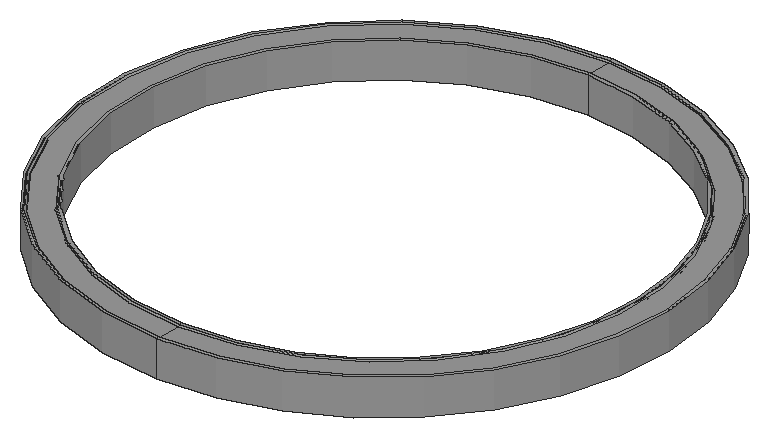
Revit family "VRD-SMK", category Lighting Fixtures, host Face, Revit 2022
Family settings
  Host = Face
  Round Connector Dimension = Use Diameter
  Part Type = Normal
  Cut with Voids When Loaded = Yes
  Light Source = Yes
  Maintain Annotation Orientation = No
  Shared = No
  Room Calculation Point = No
Parameters (values of type "VRD-40W-4000K-SMK")
  Wattage Comments = "40W"
  Wattage = 22.8892 W
  built-in parameter 1150110 = 1 (stored number, unit not read)
  URL = "https://www.abovealllighting.com/Product/LED-INDOOR-FIXTURE/Ring/VRDVickyRingDownwardLight-Surface.html"
  built-in parameter 1114217 = 1 (stored number, unit not read)
  Tilt Angle = 90.00°
  built-in parameter 1150109 = 1 (stored number, unit not read)
  built-in parameter 1150134 = 12
  built-in parameter 1150113 = 1 (stored number, unit not read)
  Power Factor = "0.9"
  Photometric Web File = "VRD-4024-40901 (1).IES"
  Model = "VRD-4024-40901-SMK-WH"
  Manufacturer = "Above All Lighting"  # constant formula
  built-in parameter 1150105 = 270.56 (stored number, unit not read)
  Lumens = 3400 lm
  built-in parameter 1150115 = 1 (stored number, unit not read)
  Load Classification = Lighting
  built-in parameter 1150137 = (empty or 0)
  built-in parameter 1150139 = (empty or 0)
  built-in parameter 1150112 = 1 (stored number, unit not read)
  built-in parameter 1150114 = 1 (stored number, unit not read)
  Lamp = "LED"
  Input Voltage = "120-277V"
  built-in parameter 1150132 = 2
  built-in parameter 1150102 = (empty or 0)
  built-in parameter 1150107 = 4000 (stored number, unit not read)
  built-in parameter 1150138 = (empty or 0)
  built-in parameter 1150106 = 2.7056 (stored number, unit not read)
  built-in parameter 1150104 = 13.8 (stored number, unit not read)
  Dimming Lamp Color Temperature Shift = <None>
  Default Elevation = 0' - 0"
  1/2 D = 0' - 11 205/256"
  Color Filter = 16777215
  CRI = "90"
  Beam Angle = 0.00°
  built-in parameter 1114218 = 1 (stored number, unit not read)
  built-in parameter 1150133 = 10 (stored number, unit not read)
Types (10): name | Wattage Comments | Wattage | built-in parameter 1150134 | Photometric Web File | Model | built-in parameter 1150105 | Lumens | built-in parameter 1150107 | built-in parameter 1150106 | 1/2 D
  (no name) | "40W" | 22.8892 W | 12 | "VRD-4024-40901 (1).IES" | "VRD-4024-40901-SMK-WH" | 270.56 (stored number, unit not read) | 3400 lm | 4000 (stored number, unit not read) | 2.7056 (stored number, unit not read) | 0' - 11 205/256"
  VRD-40W-4000K-SMK | "40W" | 22.8892 W | 12 | "VRD-4024-40901 (1).IES" | "VRD-4024-40901-SMK-WH" | 270.56 (stored number, unit not read) | 3400 lm | 4000 (stored number, unit not read) | 2.7056 (stored number, unit not read) | 0' - 11 205/256"
  VRD-50W-3000K-SMK | "50W" | 28.6114 W | (empty or 0) | "VRD_5035_30901.ies" | "VRD-5035-30901-SMK-WH" | 338.2 (stored number, unit not read) | 4250 lm | 3000 (stored number, unit not read) | 3.382 (stored number, unit not read) | 1' - 5 179/256"
  VRD-80W-4000K-SMK | "80W" | 45.7783 W | 12 | "VRD-8047-40901 (1).IES" | "VRD-8047-40901-SMK-WH" | 541.13 (stored number, unit not read) | 6800 lm | 4000 (stored number, unit not read) | 5.4113 (stored number, unit not read) | 1' - 11 77/128"
  VRD-100W-3000K-SMK | "100W" | 57.2229 W | (empty or 0) | "VRD_10059_30901.ies" | "VRD-10059-30901-SMK-WH" | 676.41 (stored number, unit not read) | 8500 lm | 3000 (stored number, unit not read) | 6.7641 (stored number, unit not read) | 2' - 5 141/256"
  VRD-120W-3000K-SMK | "120W" | 68.6675 W | (empty or 0) | "generic" | "VRD-12079-30901-SMK-WH" | 811.69 (stored number, unit not read) | 10200 lm | 3000 (stored number, unit not read) | 8.1169 (stored number, unit not read) | 3' - 3 51/128"
  VRD-160W-3000K-SMK | "160W" | 91.5566 W | (empty or 0) | "generic" | "VRD-16098-30901-SMK-WH" | 1082.3 (stored number, unit not read) | 13600 lm | 3000 (stored number, unit not read) | 10.823 (stored number, unit not read) | 4' - 1 51/256"
  VRD-200W-3000K-SMK | "200W" | 114.446 W | (empty or 0) | "generic" | "VRD-200118-30901-SMK-WH" | 1352.8 (stored number, unit not read) | 17000 lm | 3000 (stored number, unit not read) | 13.528 (stored number, unit not read) | 4' - 11 13/256"
  VRD-300W-3000K-SMK | "300W" | 171.669 W | (empty or 0) | "generic" | "VRD-300158-30901-SMK-WH" | 2029.2 (stored number, unit not read) | 25500 lm | 3000 (stored number, unit not read) | 20.292 (stored number, unit not read) | 6' - 7"
  VRD-400W-3000K-SMK | "400W" | 228.892 W | (empty or 0) | "generic" | "VRD-400197-30901-SMK-WH" | 2705.6 (stored number, unit not read) | 34000 lm | 3000 (stored number, unit not read) | 27.056 (stored number, unit not read) | 8' - 2 115/256"
Reference planes (in)
  plane 1 "Center (Front/Back)": y = 0
  plane 2: z = 0
  plane 3 "Center (Left/Right)": x = 0
  plane 4: z = 1.5
  plane 5: y = 11.80078
  plane 6: y = 10.50078
  plane 7: y = 11.72767
  plane 8: y = 10.57389
Forms (in)
  Revolve 1, solid, material "Default"
    sketch origin (0, 0, 0) x (0, 1, 0) y (0, 0, 1)
      loop
        line (11.80078, 0) -> (11.80078, 1.5) -> (11.67554, 1.5) -> (11.62516, 1.44962) -> (11.72767, 1.44962) -> (11.72767, 1.40558) -> (11.60156, 1.40558) -> (11.60156, 1.37036) -> (11.68258, 1.37036) -> (11.68258, 0.78625) -> (10.61898, 0.78625) -> (10.61898, 1.37036) -> (10.7, 1.37036) -> (10.7, 1.40558) -> (10.57389, 1.40558) -> (10.57389, 1.44962) -> (10.6764, 1.44962) -> (10.62603, 1.5) -> (10.50078, 1.5) -> (10.50078, 0) -> (10.99675, 0) -> (10.99675, 0.06836) -> (10.61898, 0.06836) -> (10.61898, 0.52505) -> (11.68258, 0.52505) -> (11.68258, 0.06836) -> (11.30481, 0.06836) -> (11.30481, 0) -> (11.80078, 0)
      loop
        line (11.68258, 0.73576) -> (10.61898, 0.73576) -> (10.61898, 0.58913) -> (11.68258, 0.58913) -> (11.68258, 0.73576)
      axis (0, 0) -> (0, 1.5)
    angle from 0 to 360
  Revolve 2, solid, material "Glass, White, High Luminance"
    sketch origin (0, 0, 0) x (0, 1, 0) y (0, 0, 1)
      loop
        line (11.72767, 1.44962) -> (10.57389, 1.44962) -> (10.57389, 1.40558) -> (11.72767, 1.40558) -> (11.72767, 1.44962)
      axis (0, 1.40558) -> (0, 1.44962)
    angle from 0 to 360
Dimensions and locks (in)
  locked: plane 5 to plane 6 at 1.3
  "1/2 D": plane 5 to plane 1 "Center (Front/Back)"
  Revolve 1 to Revolve 2 sketch curve = 0' - 0.07311"
  locked: Revolve 2 sketch curve to Revolve 2 sketch curve at 1.15378
  aligned and locked: plane 2 to host face
  aligned and locked: level to host face
  aligned and locked: Revolve 1 sketch curve to plane 5
  aligned and locked: Revolve 2 sketch curve to imposter light
Automatic sketch dimensions
  host sketch curve to host sketch curve = 8' - 0"  (x2)
  plane 4 to Revolve 2 sketch curve = 0' - 0.09442"
  Revolve 2 sketch curve to Revolve 2 sketch curve = 0' - 0.04404"
  Revolve 2 sketch curve to level = 0' - 10 1/2"
  Revolve 2 sketch curve to plane 4 = 1' - 0"
  Revolve 1 sketch curve to plane 1 "Center (Front/Back)" = 0' - 0"
  plane 4 to Revolve 1 sketch curve = 0' - 0"  (x2)
  Revolve 1 sketch curve to plane 6 = 0' - 0"
  level to Revolve 1 sketch curve = 0' - 0"  (x2)
  plane 6 to Revolve 1 sketch curve = 0' - 0.07311"
  plane 6 to Revolve 1 sketch curve = 0' - 0.1182"  (x2)
  Revolve 1 sketch curve to Revolve 1 sketch curve = 0' - 0"  (x3)
  Revolve 1 sketch curve to Revolve 1 sketch curve = 0' - 0.05213"
  plane 4 to Revolve 1 sketch curve = 0' - 0.05038"  (x2)
  Revolve 1 sketch curve to Revolve 1 sketch curve = 0' - 0.05038"  (x2)
  Revolve 1 sketch curve to Revolve 1 sketch curve = 0' - 0.08102"
  level to Revolve 1 sketch curve = 0' - 0.06836"  (x2)
  Revolve 1 sketch curve to Revolve 1 sketch curve = 0' - 0.37777"
  Revolve 1 sketch curve to Revolve 1 sketch curve = 0' - 0.30807"
  Revolve 1 sketch curve to plane 5 = 0' - 0 51/256"
  Revolve 1 sketch curve to Revolve 1 sketch curve = 0' - 0.0236"
  Revolve 1 sketch curve to plane 5 = 0' - 0.1182"
  Revolve 1 sketch curve to Revolve 1 sketch curve = 0' - 0.04509"
  Revolve 1 sketch curve to Revolve 1 sketch curve = 0' - 0.45669"
  Revolve 1 sketch curve to Revolve 1 sketch curve = 0' - 0.06407"
  Revolve 1 sketch curve to Revolve 1 sketch curve = 0' - 0.14663"
  Revolve 1 sketch curve to Revolve 1 sketch curve = 0' - 0.05049"
  Revolve 1 sketch curve to Revolve 1 sketch curve = 0' - 0.07926"  (x2)
  Revolve 1 sketch curve to Revolve 1 sketch curve = 0' - 0.04404"  (x2)
  Revolve 1 sketch curve to level = 1' - 0"
  Revolve 1 sketch curve to plane 4 = 0' - 10 1/2"
